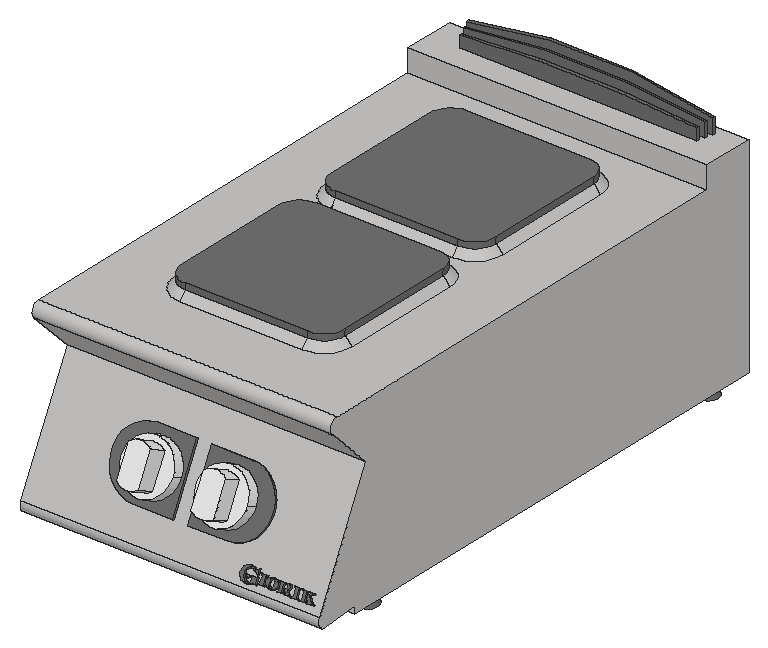
Revit family "QF_GIORIK_CE72QT", category Specialty Equipment, Revit 2014
Parameters (values of type "CE72QT")
  Weight in Pounds = 88.1848
  Watts = 5200 W
  Volts = 400 V
  URL Cutsheet = "www.giorik.com"
  URL = "www.giorik.com"
  Status [instance] = ""
  Specification by User [instance] = ""
  Specification by Manufacturer = ""
  Show Logo [instance] = yes
  Show Clearance [instance] = yes
  Serial Number = ""
  Seismic Rating = ""
  SMACNA No = ""
  Revision Code [instance] = ""
  Phase = 3
  Number of Poles [instance] = 3
  NAFEM Spec ID Number = ""
  Model = "CE72QT"
  Min Ckt Ampacity = 0 A
  Max Overcurrent Protection = 0 A
  Masterspec = ""
  Manufacturer = "GIORIK"
  Item Number [instance] = ""
  Installed By [instance] = ""
  Identify Quantity as Lot [instance] = no
  HP = "6.973304000000"
  Furnished By [instance] = ""
  Foodservice Equipment Identifier [instance] = yes
  FL Amps = 0 A
  Electrical Remarks [instance] = ""
  Electric Connection Type [instance] = ""
  Elec Conn RI Height [instance] = 0 mm
  Elec Conn Connection Height [instance] = 20 mm
  Description = "2 ELECTRIC SQUARE PLATE HOB - COUNTERTOP VERSION"
  Cycle = 50 Hz
  Conn Plug = ""
  CSI MasterFormat = ""
  Assembly Code = "E1090320"
  Apparent Power = 5200 VA
Reference planes
  plane 1 "Back": y = 0
  plane 2: z = 0
  plane 3 "Left": x = 0
  plane 4 "Right": x = 400
  plane 5 "Front": y = -720
  plane 6 "Top": z = 300
Forms (mm)
  Extrusion 1, solid, visible <- "Show Logo"
    sketch origin (196.604, -736.761, 9.486) x (-1, 0, 0) y (0, 0.452718, 0.891654)
      loop
        line (-118.824, 58.358) -> (-127.804, 58.358) -> (-125.523, 56.445) -> (-125.523, 48.027) -> (-127.804, 46.113) -> (-118.824, 46.113) -> (-121.105, 48.027) -> (-121.105, 56.445) -> (-118.824, 58.358)
      loop
        line (-163.721, 58.358) -> (-172.7, 58.358) -> (-170.42, 56.445) -> (-170.42, 48.027) -> (-172.7, 46.113) -> (-163.721, 46.113) -> (-166.001, 48.027) -> (-166.001, 56.445) -> (-163.721, 58.358)
      loop
        line (-174.332, 58.358) -> (-183.312, 58.358) -> (-181.031, 56.445) -> (-181.031, 52.435) -> (-186.419, 56.955) -> (-184.416, 58.358) -> (-191.268, 58.358) -> (-188.01, 56.839) -> (-185.455, 54.283) -> (-190.846, 47.858) -> (-193.396, 46.93) -> (-193.396, 46.113) -> (-184.416, 46.113) -> (-185.437, 47.571) -> (-182.443, 51.552) -> (-181.031, 50.894) -> (-181.031, 48.027) -> (-183.312, 46.113) -> (-174.332, 46.113) -> (-176.613, 48.027) -> (-176.613, 56.445) -> (-174.332, 58.358)
      loop
        line (-115.429, 62.063) -> (-115.429, 54.198)
        arc (-115.429, 54.198) -> (-111.618, 57.803) -> (-106.847, 59.986) r 16.039
        arc (-106.847, 59.986) -> (-103.314, 59.837) -> (-100.512, 57.68) r 5.851
        arc (-100.512, 57.68) -> (-98.815, 52.267) -> (-100.512, 46.853) r 9.479
        arc (-100.512, 46.853) -> (-102.406, 44.986) -> (-104.846, 43.93) r 7.236
        arc (-104.846, 43.93) -> (-107.728, 44.111) -> (-110.052, 45.825) r 5.11
        line (-110.052, 45.825) -> (-110.052, 52.001) -> (-116.141, 52.001) -> (-116.141, 45.503) -> (-117.893, 43.751) -> (-114.094, 44.769)
        arc (-114.094, 44.769) -> (-112.56, 44.947) -> (-111.129, 44.366) r 3.115
        arc (-111.129, 44.366) -> (-104.216, 42.091) -> (-97.303, 44.366) r 11.641
        arc (-97.303, 44.366) -> (-93.396, 52.107) -> (-97.303, 59.849) r 9.622
        arc (-97.303, 59.849) -> (-104.369, 62.174) -> (-111.435, 59.849) r 11.898
        line (-111.435, 59.849) -> (-115.429, 62.063)
      loop
        arc (-129.234, 56.068) -> (-135.893, 58.628) -> (-142.552, 56.068) r 9.941
        arc (-142.552, 56.068) -> (-144.234, 52.286) -> (-142.552, 48.505) r 5.093
        arc (-142.552, 48.505) -> (-135.893, 45.945) -> (-129.234, 48.505) r 9.941
        arc (-129.234, 48.505) -> (-127.552, 52.286) -> (-129.234, 56.068) r 5.093
      loop
        arc (-132.628, 54.403) -> (-135.893, 57.668) -> (-139.158, 54.403) r 3.265
        line (-139.158, 54.403) -> (-139.158, 50.169)
        arc (-139.158, 50.169) -> (-135.893, 46.904) -> (-132.628, 50.169) r 3.265
        line (-132.628, 50.169) -> (-132.628, 54.403)
      loop
        arc (-156.363, 58.365) -> (-159.647, 55.081) -> (-156.363, 51.796) r 3.285
        line (-156.363, 51.796) -> (-159.529, 47.306) -> (-162.087, 46.113) -> (-155.847, 46.113) -> (-153.529, 51.083) -> (-150.637, 51.083) -> (-150.637, 47.784) -> (-153.022, 46.113) -> (-144.011, 46.113) -> (-146.094, 47.68) -> (-146.094, 56.493) -> (-144.229, 58.365) -> (-156.363, 58.365)
      loop
        line (-150.637, 57.512) -> (-153.637, 57.512)
        arc (-153.637, 57.512) -> (-156.237, 54.912) -> (-153.637, 52.312) r 2.6
        line (-153.637, 52.312) -> (-150.637, 52.312) -> (-150.637, 57.512)
      loop
        line (-108.924, 52.001) -> (-104.936, 49.005) -> (-100.948, 52.001) -> (-108.924, 52.001)
    from 1.5 to -0.5
  Extrusion 2, solid
    sketch origin (-4, 0, 0) x (1, 0, 0) y (0, 1, 0)
      loop
        circle (54, -385) r 12.5
    from 5 to 20
  Extrusion 3, solid
    sketch origin (0, 1000, -620) x (0, 1, 0) y (0, 0, 1)
      loop
        line (-1000, 919.988) -> (-1070, 919.988) -> (-1070, 889.988) -> (-1688.806, 889.988)
        arc (-1688.806, 889.988) -> (-1699.151, 883.075) -> (-1696.724, 870.873) r 11.197
        line (-1696.724, 870.873) -> (-1640.876, 815.025) -> (-1718.948, 661.258)
        arc (-1718.948, 661.258) -> (-1718.233, 650.105) -> (-1708.118, 645.354) r 10.981
        line (-1708.118, 645.354) -> (-1660, 649.925) -> (-1660, 640) -> (-1000, 640) -> (-1000, 919.988)
    from 0 to 400
  Extrusion 4, solid
    sketch origin (-273.221, -963.345, -547.637) x (1, 0, 0) y (0, 0.452718, 0.891654)
      loop
        line (463.221, 676.25) -> (463.221, 766.25) -> (409.698, 766.25)
        arc (409.698, 766.25) -> (364.698, 721.25) -> (409.698, 676.25) r 45
        line (409.698, 676.25) -> (463.221, 676.25)
    from 48 to 50
  Extrusion 5, solid
    sketch origin (501.331, -1008.697, -525.041) x (-1, 0, 0) y (0, -0.45351, -0.891251)
      loop
        circle (351.331, -721.346) r 35
    from 0 to 15
  Extrusion 6, solid
    sketch origin (501.331, -1008.697, -525.041) x (-1, 0, 0) y (0, -0.45351, -0.891251)
      loop
        arc (336.331, -743.846) -> (351.331, -748.846) -> (366.331, -743.846) r 25
        line (366.331, -743.846) -> (366.331, -698.846)
        arc (366.331, -698.846) -> (351.331, -693.846) -> (336.331, -698.846) r 25
        line (336.331, -698.846) -> (336.331, -743.846)
    from 15 to 40
  Extrusion 7, solid
    sketch origin (-94, 0, -610.002) x (1, 0, 0) y (0, 0, 1)
      loop
        line (135, 909.989) -> (453, 909.989) -> (453, 925.527) -> (347.056, 931.749) -> (240.944, 931.749) -> (135, 925.527) -> (135, 909.989)
    from 32 to 35
  Extrusion 8, solid
    sketch origin (-92, 10, -610.002) x (1, 0, 0) y (0, 0, 1)
      loop
        line (454, 909.989) -> (454, 928.527) -> (346.162, 939.193) -> (237.838, 939.193) -> (130, 928.527) -> (130, 909.989) -> (454, 909.989)
    from 32 to 35
  Extrusion 9, solid
    sketch origin (-90, 20, -610.002) x (1, 0, 0) y (0, 0, 1)
      loop
        line (455, 909.989) -> (455, 930.527) -> (345.396, 947.413) -> (234.604, 947.413) -> (125, 930.527) -> (125, 909.989) -> (455, 909.989)
    from 32 to 35
  Extrusion 10, solid
    sketch origin (673.255, -963.345, -547.637) x (-1, 0, 0) y (0, -0.452718, -0.891654)
      loop
        line (463.221, -676.25) -> (409.698, -676.25)
        arc (409.698, -676.25) -> (364.698, -721.25) -> (409.698, -766.25) r 45
        line (409.698, -766.25) -> (463.221, -766.25) -> (463.221, -676.25)
    from 48 to 50
  Extrusion 11, solid
    sketch origin (-101.297, -1008.697, -525.041) x (1, 0, 0) y (0, 0.45351, 0.891251)
      loop
        circle (351.331, 721.346) r 35
    from 0 to 15
  Extrusion 12, solid
    sketch origin (-101.297, -1008.697, -525.041) x (1, 0, 0) y (0, 0.45351, 0.891251)
      loop
        line (336.331, 743.846) -> (336.331, 698.846)
        arc (336.331, 698.846) -> (351.331, 693.846) -> (366.331, 698.846) r 25
        line (366.331, 698.846) -> (366.331, 743.846)
        arc (366.331, 743.846) -> (351.331, 748.846) -> (336.331, 743.846) r 25
    from 15 to 40
  Extrusion 13, solid
    sketch origin (10, 2.5, 264.988) x (0, 1, 0) y (-1, 0, 0)
      loop
        arc (-121.5, -108) -> (-129.701, -88.201) -> (-149.5, -80) r 28
        line (-149.5, -80) -> (-313.5, -80)
        arc (-313.5, -80) -> (-333.299, -88.201) -> (-341.5, -108) r 28
        line (-341.5, -108) -> (-341.5, -271.998)
        arc (-341.5, -271.998) -> (-333.299, -291.797) -> (-313.5, -299.998) r 28
        line (-313.5, -299.998) -> (-149.5, -299.998)
        arc (-149.5, -299.998) -> (-129.701, -291.797) -> (-121.5, -271.998) r 28
        line (-121.5, -271.998) -> (-121.5, -108)
    from 23 to 15
  Blend 14, solid
    base sketch origin (754.36, -820.004, 269.988) x (0, 1, 0) y (-1, 0, 0)
      loop
        arc (710.004, 636.36) -> (699.167, 662.523) -> (673.004, 673.36) r 37
        line (673.004, 673.36) -> (509.004, 673.36)
        arc (509.004, 673.36) -> (482.841, 662.523) -> (472.004, 636.36) r 37
        line (472.004, 636.36) -> (472.004, 472.362)
        arc (472.004, 472.362) -> (482.841, 446.199) -> (509.004, 435.362) r 37
        line (509.004, 435.362) -> (673.004, 435.362)
        arc (673.004, 435.362) -> (699.167, 446.199) -> (710.004, 472.362) r 37
        line (710.004, 472.362) -> (710.004, 636.36)
    top sketch origin (754.36, -820.004, 300) x (0, 1, 0) y (-1, 0, 0)
      loop
        arc (701.004, 636.36) -> (692.803, 656.159) -> (673.004, 664.36) r 28
        line (673.004, 664.36) -> (509.004, 664.36)
        arc (509.004, 664.36) -> (489.205, 656.159) -> (481.004, 636.36) r 28
        line (481.004, 636.36) -> (481.004, 472.362)
        arc (481.004, 472.362) -> (489.205, 452.563) -> (509.004, 444.362) r 28
        line (509.004, 444.362) -> (673.004, 444.362)
        arc (673.004, 444.362) -> (692.803, 452.563) -> (701.004, 472.362) r 28
        line (701.004, 472.362) -> (701.004, 636.36)
    from 0 to -20.012
  Extrusion 15, solid
    sketch origin (10, -712.5, 264.988) x (0, -1, 0) y (1, 0, 0)
      loop
        line (-121.5, 108) -> (-121.5, 271.998)
        arc (-121.5, 271.998) -> (-129.701, 291.797) -> (-149.5, 299.998) r 28
        line (-149.5, 299.998) -> (-313.5, 299.998)
        arc (-313.5, 299.998) -> (-333.299, 291.797) -> (-341.5, 271.998) r 28
        line (-341.5, 271.998) -> (-341.5, 108)
        arc (-341.5, 108) -> (-333.299, 88.201) -> (-313.5, 80) r 28
        line (-313.5, 80) -> (-149.5, 80)
        arc (-149.5, 80) -> (-129.701, 88.201) -> (-121.5, 108) r 28
    from 23 to 15
  Blend 16, solid
    base sketch origin (754.36, 110.004, 269.988) x (0, -1, 0) y (1, 0, 0)
      loop
        line (710.004, -636.36) -> (710.004, -472.362)
        arc (710.004, -472.362) -> (699.167, -446.199) -> (673.004, -435.362) r 37
        line (673.004, -435.362) -> (509.004, -435.362)
        arc (509.004, -435.362) -> (482.841, -446.199) -> (472.004, -472.362) r 37
        line (472.004, -472.362) -> (472.004, -636.36)
        arc (472.004, -636.36) -> (482.841, -662.523) -> (509.004, -673.36) r 37
        line (509.004, -673.36) -> (673.004, -673.36)
        arc (673.004, -673.36) -> (699.167, -662.523) -> (710.004, -636.36) r 37
    top sketch origin (754.36, 110.004, 300) x (0, -1, 0) y (1, 0, 0)
      loop
        line (701.004, -636.36) -> (701.004, -472.362)
        arc (701.004, -472.362) -> (692.803, -452.563) -> (673.004, -444.362) r 28
        line (673.004, -444.362) -> (509.004, -444.362)
        arc (509.004, -444.362) -> (489.205, -452.563) -> (481.004, -472.362) r 28
        line (481.004, -472.362) -> (481.004, -636.36)
        arc (481.004, -636.36) -> (489.205, -656.159) -> (509.004, -664.36) r 28
        line (509.004, -664.36) -> (673.004, -664.36)
        arc (673.004, -664.36) -> (692.803, -656.159) -> (701.004, -636.36) r 28
    from 0 to -20.012
  Extrusion 17, solid
    sketch origin (543.603, 45.293, -30) x (0, 1, 0) y (-1, 0, 0)
      loop
        circle (-79.293, 516.603) r 5
    from 41.965 to 50
  Revolve 18, solid
    sketch origin (27, 49.943, -600) x (0, 1, 0) y (0, 0, 1)
      loop
        line (-83.943, 611.965) -> (-94.752, 611.965) -> (-97.943, 600) -> (-83.943, 600) -> (-83.943, 611.965)
      axis (-83.943, 611.965) -> (-83.943, 600)
    angle from 0 to 360
  Extrusion 19, solid
    sketch origin (543.603, -524.707, -30) x (0, 1, 0) y (-1, 0, 0)
      loop
        circle (-79.293, 516.603) r 5
    from 41.965 to 50
  Revolve 20, solid
    sketch origin (27, -520.057, -600) x (0, 1, 0) y (0, 0, 1)
      loop
        line (-83.943, 611.965) -> (-94.752, 611.965) -> (-97.943, 600) -> (-83.943, 600) -> (-83.943, 611.965)
      axis (-83.943, 611.965) -> (-83.943, 600)
    angle from 0 to 360
  Extrusion 21, solid
    sketch origin (-143.603, 45.293, -30) x (0, 1, 0) y (-1, 0, 0)
      loop
        circle (-79.293, -516.603) r 5
    from 41.965 to 50
  Revolve 22, solid
    sketch origin (373, 49.943, -600) x (0, 1, 0) y (0, 0, -1)
      loop
        line (-83.943, -611.965) -> (-83.943, -600) -> (-97.943, -600) -> (-94.752, -611.965) -> (-83.943, -611.965)
      axis (-83.943, -611.965) -> (-83.943, -600)
    angle from 0 to 360
  Extrusion 23, solid
    sketch origin (-143.603, -524.707, -30) x (0, 1, 0) y (-1, 0, 0)
      loop
        circle (-79.293, -516.603) r 5
    from 41.965 to 50
  Revolve 24, solid
    sketch origin (373, -520.057, -600) x (0, 1, 0) y (0, 0, -1)
      loop
        line (-83.943, -611.965) -> (-83.943, -600) -> (-97.943, -600) -> (-94.752, -611.965) -> (-83.943, -611.965)
      axis (-83.943, -611.965) -> (-83.943, -600)
    angle from 0 to 360
Lines and regions (mm)
  symbolic lines, style "200-EquipBorder-2D"
    curve 1: line (0, -720, 0) -> (400, -720, 0)
    curve 2: line (400, -720, 0) -> (400, 0, 0)
    curve 3: line (400, 0, 0) -> (0, 0, 0)
    curve 4: line (0, 0, 0) -> (0, -720, 0)
  symbolic lines, style "200-EquipInternal-2D"
    curve 5: line (0, -70, 300) -> (400, -70, 300)
    curve 6: line (35, -12, 900) -> (365, -12, 900)
    curve 7: line (365, -12, 900) -> (365, -15, 900)
    curve 8: line (365, -15, 900) -> (35, -15, 900)
    curve 9: line (35, -15, 900) -> (35, -12, 900)
    curve 10: line (38, -22, 900) -> (362, -22, 900)
    curve 11: line (362, -22, 900) -> (362, -25, 900)
    curve 12: line (362, -25, 900) -> (38, -25, 900)
    curve 13: line (38, -25, 900) -> (38, -22, 900)
    curve 14: line (41, -32, 900) -> (359, -32, 900)
    curve 15: line (359, -32, 900) -> (359, -35, 900)
    curve 16: line (359, -35, 900) -> (41, -35, 900)
    curve 17: line (41, -35, 900) -> (41, -32, 900)
    curve 18: line (281.998, -119, 0) -> (118, -119, 0)
    curve 19: arc (309.998, -147, 0) -> (301.797, -127.201, 0) -> (281.998, -119, 0) r 28
    curve 20: line (309.998, -311, 0) -> (309.998, -147, 0)
    curve 21: arc (281.998, -339, 0) -> (301.797, -330.799, 0) -> (309.998, -311, 0) r 28
    curve 22: line (118, -339, 0) -> (281.998, -339, 0)
    curve 23: arc (90, -311, 0) -> (98.201, -330.799, 0) -> (118, -339, 0) r 28
    curve 24: line (90, -147, 0) -> (90, -311, 0)
    curve 25: arc (118, -119, 0) -> (98.201, -127.201, 0) -> (90, -147, 0) r 28
    curve 26: arc (118, -110, 0) -> (91.837, -120.837, 0) -> (81, -147, 0) r 37
    curve 27: line (281.998, -110, 0) -> (118, -110, 0)
    curve 28: arc (318.998, -147, 0) -> (308.161, -120.837, 0) -> (281.998, -110, 0) r 37
    curve 29: line (318.998, -311, 0) -> (318.998, -147, 0)
    curve 30: arc (281.998, -348, 0) -> (308.161, -337.163, 0) -> (318.998, -311, 0) r 37
    curve 31: line (118, -348, 0) -> (281.998, -348, 0)
    curve 32: arc (81, -311, 0) -> (91.837, -337.163, 0) -> (118, -348, 0) r 37
    curve 33: line (81, -147, 0) -> (81, -311, 0)
    curve 34: line (281.998, -591, 0) -> (118, -591, 0)
    curve 35: arc (309.998, -563, 0) -> (301.797, -582.799, 0) -> (281.998, -591, 0) r 28
    curve 36: line (309.998, -399, 0) -> (309.998, -563, 0)
    curve 37: arc (281.998, -371, 0) -> (301.797, -379.201, 0) -> (309.998, -399, 0) r 28
    curve 38: line (118, -371, 0) -> (281.998, -371, 0)
    curve 39: arc (90, -399, 0) -> (98.201, -379.201, 0) -> (118, -371, 0) r 28
    curve 40: line (90, -563, 0) -> (90, -399, 0)
    curve 41: arc (118, -591, 0) -> (98.201, -582.799, 0) -> (90, -563, 0) r 28
    curve 42: arc (118, -600, 0) -> (91.837, -589.163, 0) -> (81, -563, 0) r 37
    curve 43: line (281.998, -600, 0) -> (118, -600, 0)
    curve 44: arc (318.998, -563, 0) -> (308.161, -589.163, 0) -> (281.998, -600, 0) r 37
    curve 45: line (318.998, -399, 0) -> (318.998, -563, 0)
    curve 46: arc (281.998, -362, 0) -> (308.161, -372.837, 0) -> (318.998, -399, 0) r 37
    curve 47: line (118, -362, 0) -> (281.998, -362, 0)
    curve 48: arc (81, -399, 0) -> (91.837, -372.837, 0) -> (118, -362, 0) r 37
    curve 49: line (81, -563, 0) -> (81, -399, 0)
Dimensions and locks
  plane 3 "Left" to plane 4 "Right" = 400 mm
  plane 5 "Front" to plane 1 "Back" = 720 mm
  plane 4 "Right" to plane 3 "Left" = 400 mm
  plane 1 "Back" to plane 5 "Front" = 720 mm
  plane 6 "Top" to level = 300 mm  (x2)
  aligned and locked: level to plane 2
Connectors
  electrical at (50, -385, 5), driven by "Apparent Power", driven by "Volts", driven by "Number of Poles"
    settings: on Extrusion 2, index 1, voltage 400 V, apparent load 0 VA, apparent load phase1 5200 VA, apparent load phase2 0 VA, apparent load phase3 0 VA, power factor 1, load classification "Other", number of poles 3, system type 31, power factor state 1, is connector primary yes, connector utility no, sub classification motor no, connector description "Electrical connection"
